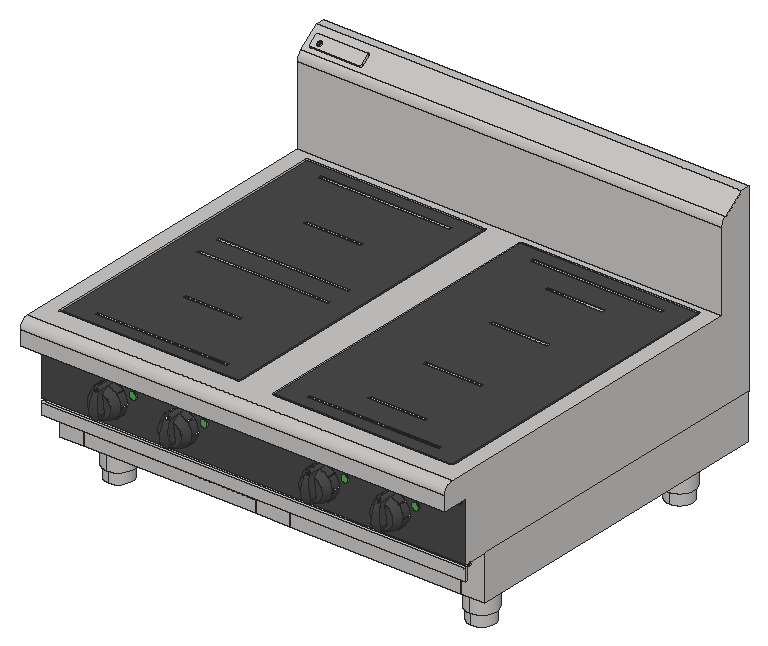
Revit family "QF_Moffat_INB8400R3F-B_Induction_Cooktop_cat", category Specialty Equipment, Revit 2019 (continued)
Definition of nested family "Knob"
  Forms (mm)
    Extrusion 2, solid
      sketch origin (32.5, 175.397, 1219.2) x (0, 1, 0) y (0, 0, 1)
        loop
          arc (-224.105, -1149.7) -> (-233.965, -1178.467) -> (-230.696, -1208.7) r 70
          line (-230.696, -1208.7) -> (-219.397, -1208.7) -> (-219.397, -1161.899) -> (-202.106, -1154.2)
      from -15 to 15
    Extrusion 3, void
      sketch origin (0, 0, 0) x (1, 0, 0) y (0, 0, 1)
        loop
          line (27.501, 64.613) -> (22.02, 20.585)
          arc (22.02, 20.585) -> (32.792, 10.488) -> (42.986, 21.169) r 10.487
          line (42.986, 21.169) -> (37.499, 64.613)
          arc (37.499, 64.613) -> (32.5, 69.5) -> (27.501, 64.613) r 5
        loop
          line (10, 72.977) -> (10, 5.625) -> (55, 5.625) -> (55, 72.977) -> (10, 72.977)
      from 6.142 to 69.687
    Extrusion 4, solid
      sketch origin (0, -34.115, -16.916) x (1, 0, 0) y (0, 0.45399, 0.891007)
        loop
          circle (32.497, 65) r 2
      from 51.525 to 53.075
    Extrusion 5, solid
      sketch origin (32.5, -10, 32.5) x (0, 0, -1) y (-1, 0, 0)
        loop
          line (-23.54, -22.408) -> (-24.106, -22.974)
          arc (-24.106, -22.974) -> (-23.547, -23.547) -> (-22.974, -24.106) r 33.3
          line (-22.974, -24.106) -> (-22.408, -23.54)
          arc (-22.408, -23.54) -> (-22.981, -22.981) -> (-23.54, -22.408) r 32.5
        loop
          arc (-0.8, -33.29) -> (0, -33.3) -> (0.8, -33.29) r 33.3
          line (0.8, -33.29) -> (0.8, -32.49)
          arc (0.8, -32.49) -> (0, -32.5) -> (-0.8, -32.49) r 32.5
          line (-0.8, -32.49) -> (-0.8, -33.29)
        loop
          arc (23.54, -22.408) -> (22.981, -22.981) -> (22.408, -23.54) r 32.5
          line (22.408, -23.54) -> (22.974, -24.106)
          arc (22.974, -24.106) -> (23.547, -23.547) -> (24.106, -22.974) r 33.3
          line (24.106, -22.974) -> (23.54, -22.408)
        loop
          arc (-23.54, 22.408) -> (-22.981, 22.981) -> (-22.408, 23.54) r 32.5
          line (-22.408, 23.54) -> (-22.974, 24.106)
          arc (-22.974, 24.106) -> (-23.547, 23.547) -> (-24.106, 22.974) r 33.3
          line (-24.106, 22.974) -> (-23.54, 22.408)
        loop
          line (-0.8, 33.29) -> (-0.8, 32.49)
          arc (-0.8, 32.49) -> (0, 32.5) -> (0.8, 32.49) r 32.5
          line (0.8, 32.49) -> (0.8, 33.29)
          arc (0.8, 33.29) -> (0, 33.3) -> (-0.8, 33.29) r 33.3
        loop
          line (32.49, -0.8) -> (33.29, -0.8)
          arc (33.29, -0.8) -> (33.3, 0) -> (33.29, 0.8) r 33.3
          line (33.29, 0.8) -> (32.49, 0.8)
          arc (32.49, 0.8) -> (32.5, 0) -> (32.49, -0.8) r 32.5
        loop
          arc (24.106, 22.974) -> (23.547, 23.547) -> (22.974, 24.106) r 33.3
          line (22.974, 24.106) -> (22.408, 23.54)
          arc (22.408, 23.54) -> (22.981, 22.981) -> (23.54, 22.408) r 32.5
          line (23.54, 22.408) -> (24.106, 22.974)
      from 0 to -16.709
  Cuts and joins
    Extrusion 3 cuts Extrusion 2
  Dimensions and locks
    equal spacing: plane 3 "LEFT", plane 7 "Center Y", plane 4 "RIGHT"
    "Length": plane 3 "LEFT" to plane 4 "RIGHT"
    equal spacing: plane 5 "FRONT", plane 8 "Center X", plane 1 "BACK"
    "Depth": plane 5 "FRONT" to plane 1 "BACK"
    "Height": plane 6 "TOP" to level
    plane 4 "RIGHT" to plane 3 "LEFT" = 65 mm
    aligned and locked: level to plane 2
  Automatic sketch dimensions
    Revolve 1 sketch curve to level = 0 mm
    Revolve 1 sketch curve to plane 1 "BACK" = 0 mm  (x2)
    plane 1 "BACK" to Revolve 1 sketch curve = 10 mm
    plane 8 "Center X" to Revolve 1 sketch curve = 2.791 mm
    Revolve 1 sketch curve to plane 8 "Center X" = 14.5 mm
    level to Revolve 1 sketch curve = 7.699 mm
    level to Revolve 1 sketch curve = 27.5 mm
    Revolve 1 sketch curve to Revolve 1 sketch curve = 5 mm
    Revolve 1 sketch curve to Revolve 1 sketch curve = 35 mm
    Revolve 1 sketch curve to Revolve 1 sketch curve = 0 mm
    Extrusion 2 sketch curve to plane 6 "TOP" = 0 mm
    Extrusion 2 sketch curve to plane 5 "FRONT" = 3.702 mm
    Extrusion 2 sketch curve to plane 5 "FRONT" = 10.293 mm
    Extrusion 2 sketch curve to Extrusion 2 sketch curve = 11.298 mm
    plane 8 "Center X" to Extrusion 2 sketch curve = 2.791 mm
    plane 1 "BACK" to Extrusion 2 sketch curve = 10 mm
    Extrusion 2 sketch curve to plane 1 "BACK" = 11 mm
    Extrusion 2 sketch curve to plane 6 "TOP" = 4.5 mm
    Extrusion 2 sketch curve to plane 6 "TOP" = 12.199 mm
    level to Extrusion 2 sketch curve = 32.962 mm
    level to Extrusion 3 sketch curve = 5.625 mm
    Extrusion 3 sketch curve to plane 7 "Center Y" = 0 mm  (x2)
    Extrusion 3 sketch curve to plane 7 "Center Y" = 4.999 mm
    Extrusion 3 sketch curve to plane 7 "Center Y" = 10.48 mm
    plane 6 "TOP" to Extrusion 3 sketch curve = 3.477 mm
    plane 3 "LEFT" to Extrusion 3 sketch curve = 10 mm
    Extrusion 3 sketch curve to plane 6 "TOP" = 4.887 mm
    Extrusion 3 sketch curve to Extrusion 3 sketch curve = 4.999 mm
    plane 7 "Center Y" to Extrusion 3 sketch curve = 10.486 mm
    level to Extrusion 3 sketch curve = 20.585 mm
    Extrusion 3 sketch curve to Extrusion 3 sketch curve = 0.387 mm
    Extrusion 3 sketch curve to Extrusion 3 sketch curve = 0.113 mm
    plane 4 "RIGHT" to Extrusion 3 sketch curve = 10 mm
    Extrusion 5 sketch curve to Revolve 1 = 32.49 mm
    Revolve 1 to Extrusion 5 sketch curve = 32.49 mm
    Extrusion 5 sketch curve to Revolve 1 = 23.54 mm  (x2)
    Revolve 1 to Extrusion 5 sketch curve = 23.54 mm  (x2)
    Extrusion 5 sketch curve to Revolve 1 = 24.106 mm  (x2)
    Revolve 1 to Extrusion 5 sketch curve = 24.106 mm  (x2)
    Revolve 1 to Extrusion 5 sketch curve = 22.408 mm  (x2)
    Extrusion 5 sketch curve to Revolve 1 = 22.408 mm  (x2)
    Revolve 1 to Extrusion 5 sketch curve = 22.974 mm  (x2)
    Extrusion 5 sketch curve to Revolve 1 = 22.974 mm  (x2)
    Extrusion 5 sketch curve to Extrusion 5 sketch curve = 1.6 mm  (x2)
    Revolve 1 to Extrusion 5 sketch curve = 0.8 mm
    Extrusion 5 sketch curve to Revolve 1 = 0.8 mm
    Extrusion 4 sketch curve to plane 7 "Center Y" = 0.003 mm
    radius of Extrusion 5 sketch curve to Revolve 1 = 0 mm  (x7)
    radius of Revolve 1 to Extrusion 5 sketch curve = 0.8 mm  (x7)
    radius of Extrusion 4 sketch curve = 2 mm
Types (2, lengths in mm): name | Volts | Cycle | Apparent Power
  INB8400R3F-B_415/60/3 | 415 V | 60 Hz | 17230.8 VA
  INB8400R3F-B_400/50/3 | 400 V | 50 Hz | 16608 VA
